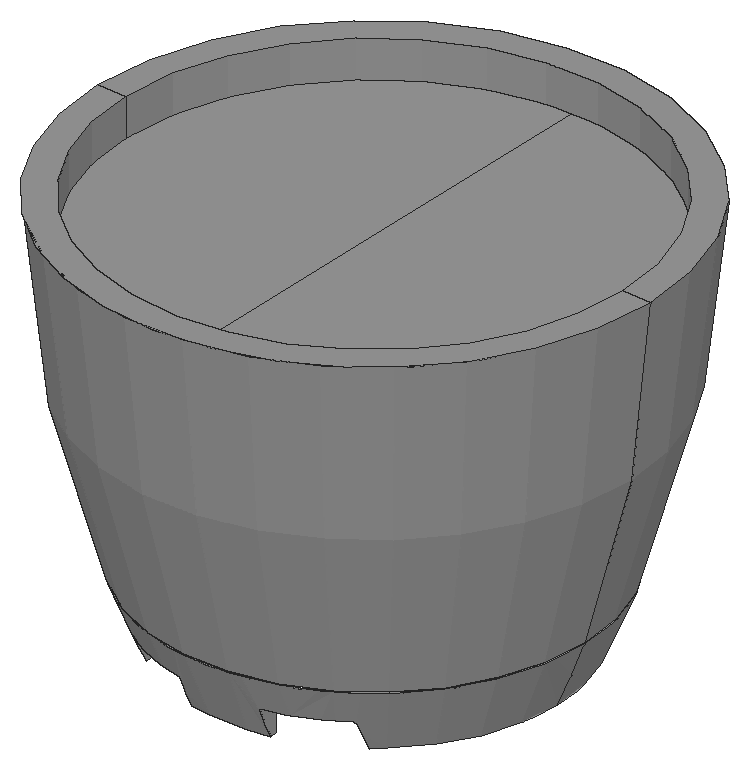
Revit family "Вазон «Мегаполис»", category Антураж, Revit 2017
Family settings
  На основе рабочей плоскости = Нет
  Всегда вертикально = Да
  При загрузке вырезать с полостями = Нет
  Источник визуального образа = Геометрия семейства
  Общий = Нет
  Точка расчета площади = Нет
Parameters (values of type "Вазон «Мегаполис»")
  Стоимость = 60490
  Изготовитель = "ООО \"Хоббика\""
  Высота = 0 mm
  АDSK_Материал вазона = Камень(1)
  URL = "https://hobbyka.ru/product/vazon_megapolis/?sphrase_id=80634"
  ADSK_Размер_Диаметр = 1280 mm
  ADSK_Размер_Высота = 910 mm
  ADSK_Наименование = "Вазон «Мегаполис»\r\n\r\nВазон «Мегаполис»\r\n\r\nВазон «Мегаполис»\r\n\r\nВазон «Мегаполис»\r\n\r\nВазон «Мегаполис»"
  ADSK_Код изделия = "8446"
Reference planes
  plane 1 "По центру (Вперед/Назад)": y = 0
  plane 2: z = 0
  plane 3 "По центру (Влево/Вправо)": x = 0
Forms (mm)
  Revolve 1, solid, material "Камень(1)" <- "АDSK_Материал вазона"
    sketch origin (0, 0, 0) x (1, 0, 0) y (0, 0, 1)
      loop
        line (-574.108, 910) -> (-640, 910)
        arc (-640, 910) -> (-594.492, 525.437) -> (-488.423, 153) r 2428.006
        line (-488.423, 153) -> (0, 153) -> (0, 710) -> (-574.108, 710) -> (-574.108, 910)
      axis (0, 153) -> (0, 910)
    angle from 0 to 360
  Extrusion 2, void
    sketch origin (0, 0, 0) x (1, 0, 0) y (0, 0, 1)
      loop
        line (-90.877, 68.494) -> (-94.02, 71.637) -> (-254.815, 71.637) -> (-257.958, 68.494) -> (-257.958, 0) -> (-90.877, 0) -> (-90.877, 68.494)
      loop
        line (90.877, 68.494) -> (90.877, 0) -> (257.958, 0) -> (257.958, 68.494) -> (254.815, 71.637) -> (94.02, 71.637) -> (90.877, 68.494)
    from -595.257 to 613.156
  Revolve 3, solid, material "Земля"
    sketch origin (0, 0, 0) x (0, 1, 0) y (0, 0, 1)
      loop
        line (0, 710) -> (0, 825) -> (-573.784, 825) -> (-573.784, 710) -> (0, 710)
      axis (0, 825) -> (0, 710)
    angle from 0 to 360
  Revolve 4, solid, material "Камень"
    sketch origin (0, 0, 0) x (1, 0, 0) y (0, 0, 1)
      loop
        line (-408.804, 0) -> (-408.804, 149) -> (0, 149) -> (0, 153) -> (-484.423, 153) -> (-482.95, 149) -> (-486.95, 149)
        arc (-486.95, 149) -> (-456.542, 73.945) -> (-423.527, 0) r 2314.785
        line (-423.527, 0) -> (-408.804, 0)
      axis (0, 153) -> (0, 0)
    angle from 0 to 360
Cuts and joins
  Extrusion 2 cuts Revolve 1
  Extrusion 2 cuts Revolve 4
Dimensions and locks
  aligned and locked: level to plane 2
